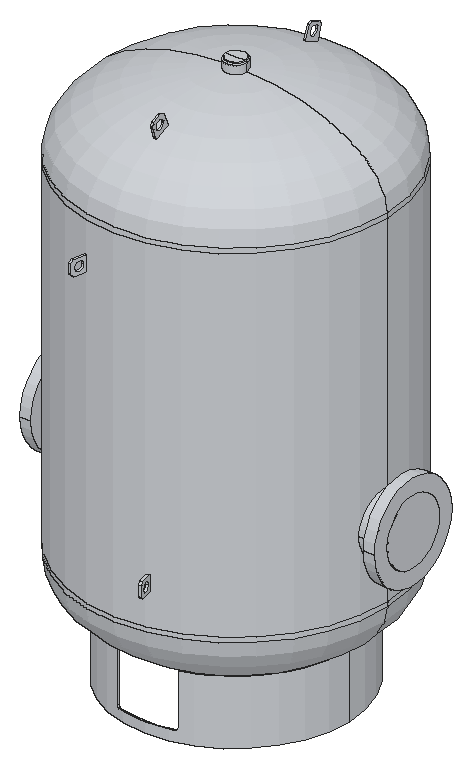
Revit family "CWBT1040-12-125", category Mechanical Equipment, Revit 2014
Parameters (values of type "CWBT1040-12-125")
  Tank Weight = "3283 lbs"
  Tank Volume = "1040 Gal"
  Tank Height = "107 7/8\""
  Tank Diameter = "60\""
  Note = "All dimensions and weights are approximate"
  Maximum Acceptance Volume = "N/A"
  Max Operating Temp = "450°  F"
  Max Operating Pressure = "125 psi"
  Connector Size = "12\""
Types (4): name | Tank Weight | Tank Volume | Tank Height | Tank Diameter | Maximum Acceptance Volume | Max Operating Temp | Max Operating Pressure | Connector Size
  (no name) | "3283 lbs" | "1040 Gal" | "107 7/8\"" | "60\"" | "N/A" | "450°  F" | "125 psi" | "12\""
  CWBT120-3 | "" | "" | "" | "" | "" | "" | "" | ""
  CWBT1040-8-125 | "3283 lbs" | "1040 Gal" | "107 7/8\"" | "60\"" | "N/A" | "450°  F" | "125 psi" | "12\""
  CWBT1040-12-125 | "3283 lbs" | "1040 Gal" | "107 7/8\"" | "60\"" | "N/A" | "450°  F" | "125 psi" | "12\""
Reference planes (in)
  plane 1 "Center (Front/Back)": y = 0
  plane 2: z = 0
  plane 3 "Center (Left/Right)": x = 0
Forms (in)
  Extrusion 1, solid
    sketch origin (0, 0, 0) x (1, 0, 0) y (0, 1, 0)
      loop
        circle (0, 0) r 22.50001
      loop
        circle (0, 0) r 22.24996
    from 0 to 12.75
  Extrusion 2, void
    sketch origin (0, 0, 0) x (1, 0, 0) y (0, 0, 1)
      loop
        line (-6, 12.75) -> (-6, 2.5)
        arc (-6, 2.5) -> (-5.85355, 2.14645) -> (-5.5, 2) r 0.5
        line (-5.5, 2) -> (5.5, 2)
        arc (5.5, 2) -> (5.85355, 2.14645) -> (6, 2.5) r 0.5
        line (6, 2.5) -> (6, 12.75) -> (-6, 12.75)
    from 0 to 23
  Revolve 3, solid
    sketch origin (0, 0, 0) x (1, 0, 0) y (0, 0, 1)
      loop
        line (0, 5.88508) -> (1.88951, 5.88508) -> (1.88951, 6.01008)
        arc (1.88951, 6.01008) -> (2.06629, 6.08331) -> (2.13951, 6.26008) r 0.25
        line (2.13951, 6.26008) -> (2.13951, 7.8167)
        spline (2.13951, 7.8167) -> (5.85211, 8.06929) -> (9.47346, 8.55367) -> (12.94709, 9.2623) -> (16.21884, 10.18413) -> (19.2377, 11.30477) -> (21.95659, 12.60677) -> (24.33313, 14.06981) -> (26.33024, 15.67109) -> (27.9168, 17.38564) -> (29.06807, 19.18671) -> (29.76609, 21.04624) -> (29.99998, 22.93522)
        line (29.99998, 22.93522) -> (29.99998, 23.90272) -> (29.99998, 91.77772) -> (29.99998, 92.74522)
        spline (29.99998, 92.74522) -> (29.76609, 94.6338) -> (29.06807, 96.49293) -> (27.9168, 98.29362) -> (26.33024, 100.0078) -> (24.33313, 101.60874) -> (21.95659, 103.07147) -> (19.2377, 104.37319) -> (16.21884, 105.49359) -> (12.94709, 106.41522) -> (9.47346, 107.1237) -> (5.85211, 107.60798) -> (2.13951, 107.86052)
        line (2.13951, 107.86052) -> (2.13951, 109.42036)
        arc (2.13951, 109.42036) -> (2.06629, 109.59714) -> (1.88951, 109.67036) r 0.25
        line (1.88951, 109.67036) -> (1.88951, 109.79536) -> (0, 109.79536) -> (0, 5.88508)
      axis (0, 109.79536) -> (0, 5.88508)
    angle from 0 to 360
  Extrusion 4, solid
    sketch origin (0, 0, 0) x (0, 1, 0) y (0, 0, 1)
      loop
        line (-18.0162, 107.56565) -> (-18.67387, 107.84481) -> (-20.52618, 107.11843) -> (-20.80534, 106.46076) -> (-19.89642, 104.14296) -> (-19.74143, 103.74772) -> (-16.9485, 104.84297) -> (-17.10349, 105.23821) -> (-18.0162, 107.56565)
      loop
        circle (-19.0524, 106.08516) r 1.00455
      loop
        line (18.66431, 107.84859) -> (18.01628, 107.56565) -> (17.10358, 105.23821) -> (16.87553, 104.65666) -> (19.66845, 103.56142) -> (19.89651, 104.14296) -> (20.80921, 106.4704) -> (20.52626, 107.11843) -> (18.66431, 107.84859)
      loop
        circle (19.04766, 106.08705) r 1
    from -0.1875 to 0.1875
  Extrusion 5, solid
    sketch origin (2.97483, -14.70432, -3.65076) x (-0.217304, 0.976104, 0) y (0, 0, 1)
      loop
        line (-14.96995, 36.86103) -> (-17.46995, 36.86103) -> (-17.96995, 36.36103) -> (-17.96995, 34.36103) -> (-17.46995, 33.86103) -> (-14.96995, 33.86103) -> (-14.96995, 36.86103)
      loop
        circle (-16.39156, 35.36103) r 1
    from -0.2511 to 0.23955
  Extrusion 6, solid
    sketch origin (-3.00759, -14.71206, 48.63129) x (0.215575, 0.976487, 0) y (0, 0, 1)
      loop
        line (-14.96995, 36.86103) -> (-17.46995, 36.86103) -> (-17.96995, 36.36103) -> (-17.96995, 34.36103) -> (-17.46995, 33.86103) -> (-14.96995, 33.86103) -> (-14.96995, 36.86103)
      loop
        circle (-16.39156, 35.36103) r 1
    from -0.2511 to 0.23955
  Extrusion 7, solid
    sketch origin (0, 0, 0) x (0, 1, 0) y (0, 0, 1)
      loop
        circle (0, 37.99984) r 6.44012
    from 0 to 35
  Extrusion 8, solid
    sketch origin (0, 0, 0) x (0, 1, 0) y (0, 0, 1)
      loop
        circle (0, 37.99984) r 6.44012
    from 0 to -35
  Extrusion 9, solid
    sketch origin (0, 0, 0) x (0, 1, 0) y (0, 0, 1)
      loop
        circle (0, 37.99984) r 9.50012
    from -32.8125 to -35
  Extrusion 10, solid
    sketch origin (0, 0, 0) x (0, 1, 0) y (0, 0, 1)
      loop
        circle (0, 37.99984) r 9.50012
    from 32.8125 to 35
Cuts and joins
  Extrusion 2 cuts Extrusion 1
Dimensions and locks (in)
  Extrusion 5 sketch curve to Extrusion 5 sketch curve = 1 1/2"  (x2)
  Extrusion 6 sketch curve to Extrusion 6 sketch curve = 1 1/2"  (x2)
  aligned and locked: level to plane 2
